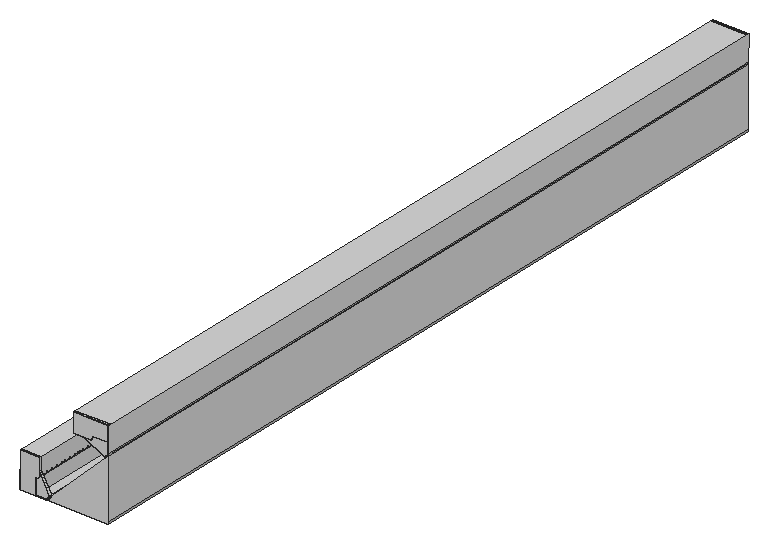
Revit family "ORMA_ORMA STRIPPING CORNER 2.7_1908771", category Generic Models, Revit 2018
Family settings
  Can host rebar = No
  Round Connector Dimension = Use Diameter
  Part Type = Normal
  OmniClass Number = 35.51.14.00
  OmniClass Title = FORMWORK
  Work Plane-Based = Yes
  Always vertical = No
  Cut with Voids When Loaded = No
  Shared = Yes
  Room Calculation Point = No
Parameters
  VERSION = "20190101"  # constant formula
  URL = "www.ulmaconstruction.com/en"
  UNICLASS = ""
  STRIPPED [instance] = no
  ITEM_CODE = "1908771"
  Manufacturer = "ULMA CONSTRUCTION"  # constant formula
  MOBILE PARTE X [instance] = if(STRIPPED, 275.000 mm, 300.000 mm)  # 300.000 mm
  MOBILE PART Y [instance] = if(STRIPPED, 25.000 mm, 0.000 mm)  # 0.000 mm
  FILTER [instance] = ""
  Default Elevation = 0.000 mm
  CLASSIFICATION_TITLE = ""
  CLASSIFICATION_NUMBER = ""
Reference planes
  plane 1 "Centro (Frontal/Posterior)": y = 0
  plane 2: z = 0
  plane 3 "Centro (Izquierda/Derecha)": x = 0
  plane 4 "LEFT SIDE": x = -300
  plane 5 "RIGHT SIE": z = 300
  plane 6 "ITEM_HEIGHT": y = 2700
  plane 7: z = 0
  plane 8: x = 0
  plane 9 "LEFT TIES": x = -271.5
  plane 10 "RIGHT TIES": z = 271.5
  plane 11 "EXTERIOR HOLE 1": y = 450
  plane 12 "TIE 1": y = 560
  plane 13 "EXTERIOR HOLE 2": y = 1050
  plane 14 "TIE 2": y = 2140
  plane 15 "EXTERIOR HOLE 3": y = 1650
  plane 16 "EXTERIOR HOLE 4": y = 2250
Forms (mm)
  Extrusion 1, solid, material "ULMA ZINC"
    sketch origin (0, 0, 0) x (1, 0, 0) y (0, 0, 1)
      loop
        arc (-8, 0) -> (-2.343, 2.343) -> (0, 8) r 8
        line (0, 8) -> (0, 209.343) -> (-209.343, 0) -> (-8, 0)
    from 0 to -2700
Dimensions and locks
  "MOBILE PARTE X": plane 3 "Centro (Izquierda/Derecha)" to plane 4 "LEFT SIDE"
  "MOBILE PARTE X": plane 5 "RIGHT SIE" to plane 2
  plane 1 "Centro (Frontal/Posterior)" to plane 6 "ITEM_HEIGHT" = 2700.000 mm
  locked: Extrusion 1 sketch curve to Extrusion 1 sketch curve at 209.343  (x2)
  "MOBILE PART Y": plane 7 to plane 2
  "MOBILE PART Y": plane 3 "Centro (Izquierda/Derecha)" to plane 8
  locked: plane 9 "LEFT TIES" to plane 4 "LEFT SIDE" at 28.5
  locked: plane 5 "RIGHT SIE" to plane 10 "RIGHT TIES" at 28.5
  locked: Extrusion 1 sketch curve to Extrusion 1 sketch curve (angle 45.00°)
  aligned and locked: level to plane 2
  aligned and locked: plane 4 "LEFT SIDE" to nested 1
  aligned and locked: plane 5 "RIGHT SIE" to nested 2
  aligned and locked: plane 6 "ITEM_HEIGHT" to Extrusion 1
  aligned and locked: nested 1 to plane 7
  aligned and locked: nested 2 to plane 8
Automatic sketch dimensions
  Extrusion 1 sketch curve to plane 3 "Centro (Izquierda/Derecha)" = 0.000 mm
  Extrusion 1 sketch curve to plane 3 "Centro (Izquierda/Derecha)" = 8.000 mm
  level to Extrusion 1 sketch curve = 0.000 mm
Nested families
  nested 1: "PARTE MOVIL ESCUADRA DESENCOFRADO - 1908795_PANELS" at (-300, 0, 0), type "PARTE MOVIL ESCUADRA DESENCOFRADO - 1908795_PANELS"
    with FILTER ""
  nested 2: "PARTE MOVIL ESCUADRA DESENCOFRADO - 1908795_PANELS" at (0, 0, 300) x (0, 0, -1) z (-1, 0, 0), type "PARTE MOVIL ESCUADRA DESENCOFRADO - 1908795_PANELS"
    with FILTER ""
Definition of nested family "PARTE MOVIL ESCUADRA DESENCOFRADO - 1908795_PANELS"
  Parameters (values of type "PARTE MOVIL ESCUADRA DESENCOFRADO - 1908795_PANELS")
    VERSION = "20190101"  # constant formula
    URL = "www.ulmaconstruction.com/en"
    UNICLASS = ""
    Manufacturer = "ULMA CONSTRUCTION"  # constant formula
    FILTER [instance] = ""
    Default Elevation = 0.000 mm
    CLASSIFICATION_TITLE = ""
    CLASSIFICATION_NUMBER = ""
  Reference planes
    plane 1 "Centro (Frontal/Posterior)": y = 0
    plane 2: z = 0
    plane 3 "Centro (Izquierda/Derecha)": x = 0
    plane 4 "ITEM_HEIGHT": y = 2700
    plane 5 "EXTERNAL HOLE 1": y = 450
    plane 6 "EXTERNAL HOLE 2": y = 1050
    plane 7 "TIE HOLE 2": y = 2140
    plane 8 "TIE HOLE 1": y = 560
    plane 9 "EXTERNAL HOLE 3": y = 1650
    plane 10 "EXTERNAL HOLE 4": y = 2250
  Forms (mm)
    Extrusion 1, solid
      sketch origin (-300, 0, 0.001) x (1, 0, 0) y (0, 0, 1)
        loop
          line (365, 119.999) -> (299.999, 119.999) -> (299.999, -0.001) -> (387.343, -0.001)
          arc (387.343, -0.001) -> (390.405, 0.608) -> (393, 2.342) r 8
          line (393, 2.342) -> (403.847, 13.189) -> (401.015, 16.021) -> (390.524, 5.449)
          arc (390.524, 5.449) -> (388.918, 4.387) -> (387.029, 4.014) r 4.975
          line (387.029, 4.014) -> (352.5, 4.014) -> (352.5, 52.038)
          arc (352.5, 52.038) -> (352.915, 53.418) -> (354.023, 54.339) r 2.5
          line (354.023, 54.339) -> (361.344, 57.447)
          arc (361.344, 57.447) -> (364.003, 59.658) -> (365, 62.97) r 6
          line (365, 62.97) -> (365, 119.999)
      from -2700 to 0
    Extrusion 2, solid, detail levels fine
      sketch origin (0, 2700, 0) x (-1, 0, 0) y (0, 0, 1)
        loop
          line (-87.029, 4.015) -> (0.001, 4.015) -> (0.001, 120) -> (-65, 120) -> (-65, 81) -> (-100, 15) -> (-90.524, 5.45)
          arc (-90.524, 5.45) -> (-88.918, 4.388) -> (-87.029, 4.015) r 4.975
      from 0 to -6
    Extrusion 3, solid, detail levels fine
      sketch origin (65, 0, 81) x (0, 0, 1) y (0, -1, 0)
        loop
          circle (4, -450) r 19
      from 0 to 8
    Extrusion 4, solid, detail levels fine
      sketch origin (0, 0, 0) x (1, 0, 0) y (0, 0, 1)
        loop
          arc (87.029, 4.015) -> (88.918, 4.388) -> (90.524, 5.45) r 4.975
          line (90.524, 5.45) -> (100, 15) -> (65, 81) -> (65, 120) -> (-0.001, 120) -> (-0.001, 4.015) -> (87.029, 4.015)
      from 0 to -6
    Extrusion 5, solid, detail levels fine
      sketch origin (65, 600, 81) x (0, 0, 1) y (0, -1, 0)
        loop
          circle (4, -450) r 19
      from 0 to 8
    Extrusion 6, solid, detail levels fine
      sketch origin (65, 1200, 81) x (0, 0, 1) y (0, -1, 0)
        loop
          circle (4, -450) r 19
      from 0 to 8
    Extrusion 7, solid, detail levels fine
      sketch origin (65, 1800, 81) x (0, 0, 1) y (0, -1, 0)
        loop
          circle (4, -450) r 19
      from 0 to 8
  Lines and regions (mm)
    model lines, detail levels fine
      curve 1: circle (-0.001, 450, 85) r 11 normal (1, 0, 0)
      curve 2: circle (73, 450, 85) r 11 normal (1, 0, 0)
      curve 3: circle (-0.001, 1050, 85) r 11 normal (1, 0, 0)
      curve 4: circle (73, 1050, 85) r 11 normal (1, 0, 0)
      curve 5: arc (44, 2147.5, 120) -> (28.5, 2163, 120) -> (13, 2147.5, 120) r 15.5
      curve 6: line (13, 2132.5, 120) -> (13, 2147.5, 120)
      curve 7: line (44, 2147.5, 120) -> (44, 2132.5, 120)
      curve 8: arc (13, 2132.5, 120) -> (28.5, 2117, 120) -> (44, 2132.5, 120) r 15.5
      curve 9: circle (28.5, 2140, 120) r 13 normal (0, 0, 1)
      curve 10: circle (28.5, 2140, 0) r 13 normal (0, 0, 1)
      curve 11: arc (44, 567.5, 120) -> (28.5, 583, 120) -> (13, 567.5, 120) r 15.5
      curve 12: line (13, 552.5, 120) -> (13, 567.5, 120)
      curve 13: line (44, 567.5, 120) -> (44, 552.5, 120)
      curve 14: arc (13, 552.5, 120) -> (28.5, 537, 120) -> (44, 552.5, 120) r 15.5
      curve 15: circle (28.5, 560, 120) r 13 normal (0, 0, 1)
      curve 16: circle (28.5, 560, 0) r 13 normal (0, 0, 1)
      curve 17: circle (-0.001, 1650, 85) r 11 normal (1, 0, 0)
      curve 18: circle (73, 1650, 85) r 11 normal (1, 0, 0)
      curve 19: circle (-0.001, 2250, 85) r 11 normal (1, 0, 0)
      curve 20: circle (73, 2250, 85) r 11 normal (1, 0, 0)
  Dimensions and locks
    locked: plane 1 "Centro (Frontal/Posterior)" to plane 4 "ITEM_HEIGHT" at 2700
    aligned and locked: level to plane 2
    aligned and locked: plane 4 "ITEM_HEIGHT" to Extrusion 2
